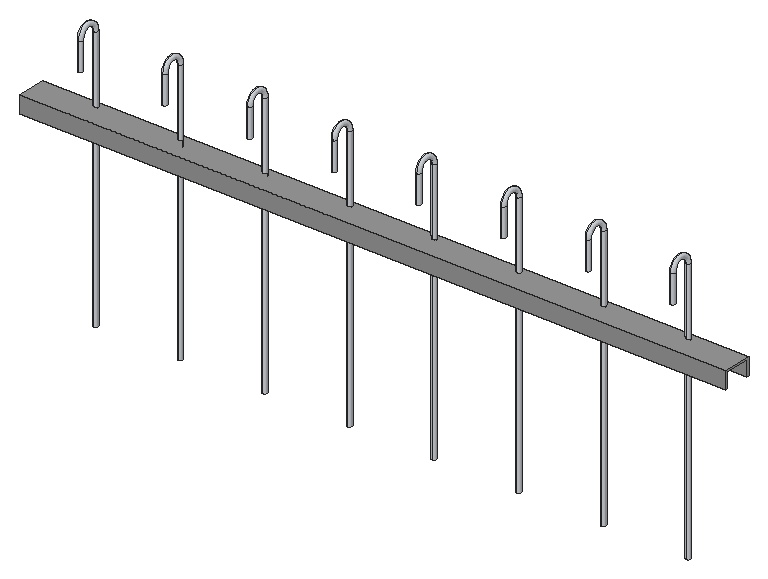
Revit family "Strittekasse_VHQ_08-15_p_i_t_4011005", category Generic Models, Revit 2019
Family settings
  Can host rebar = No
  Round Connector Dimension = Use Diameter
  Part Type = Normal
  Work Plane-Based = Yes
  Always vertical = No
  Cut with Voids When Loaded = No
  Shared = No
  Room Calculation Point = No
Parameters (values of type "VHQ 8/15")
  Website Link = "https://haucon.dk/produkt/strittekasse-enkelt/#variations"
  Technical Data Sheet = "https://haucon.dk/wp-content/uploads/2016/05/4011005-Enkelt-Strittekasse-TDS-ENG.pdf"
  Sheet Metal Width = 50 mm
  Sheet Metal Length = 1250 mm
  Sheet Metal Height = 30 mm
  Rebar Ø = 8 mm
  Rebar Top Height = 170 mm
  Rebar Bottom Height = 320 mm
  Rebar = Rebar, BSt 500 S
  Metal = Metal Panel
  Distance From Start = 100 mm
  Default Elevation = 1219.2 mm
  CenterToCenter = 150 mm
  Array Count = Sheet Metal Length / CenterToCenter  # 8
Types (4, lengths in mm): name | Sheet Metal Width | Sheet Metal Height | Rebar Ø | Rebar Bottom Height
  (no name) | 50 | 30 | 8 | 320
  VHQ 8/15 | 50 | 30 | 8 | 320
  VHQ 10/15 | 50 | 30 | 10 | 390
  VHQ 12/15 | 80 | 40 | 12 | 460
Reference planes
  plane 1 "Center (Front/Back)": y = 0
  plane 2: z = 0
  plane 3 "Center (Left/Right)": x = 0
  plane 4: y = 25
  plane 5: y = -25
  plane 6: z = 30
  plane 7: x = 1250
  plane 8: x = 100
  plane 9: x = 250
  plane 10: x = 400
  plane 11: x = 550
  plane 12: x = 700
  plane 13: x = 850
  plane 14: x = 1000
  plane 15: x = 1150
Forms (mm)
  Extrusion 1, solid, material "Metal Panel" <- "Metal"
    sketch origin (0, 0, 0) x (0, 1, 0) y (0, 0, 1)
      loop
        line (25, 0) -> (25, 30) -> (-25, 30) -> (-25, 0) -> (-22, 0) -> (-22, 27) -> (22, 27) -> (22, 0) -> (25, 0)
    from 0 to 1250
Dimensions and locks
  equal spacing: plane 4, plane 1 "Center (Front/Back)", plane 5
  "Sheet Metal Width": plane 4 to plane 5
  "Sheet Metal Height": plane 6 to level
  "Sheet Metal Length": plane 3 "Center (Left/Right)" to plane 7
  equal spacing: group 1, group 2, group 3, group 4, group 5, group 6, group 7, group 8  (x3)
  "Rebar Top Height": nested 1 to level
  "Rebar Bottom Height": level to nested 1
  "Distance From Start": plane 3 "Center (Left/Right)" to plane 8
  "CenterToCenter": plane 8 to plane 9
  aligned and locked: level to plane 2
  aligned and locked: Extrusion 1 sketch curve to plane 4
  aligned and locked: plane 6 to Extrusion 1 sketch curve
  aligned and locked: Extrusion 1 sketch curve to plane 5
  aligned and locked: Extrusion 1 to plane 7
  aligned and locked: Extrusion 1 to plane 3 "Center (Left/Right)"
Automatic sketch dimensions
  Extrusion 1 sketch curve to level = 0 mm  (x2)
  plane 5 to Extrusion 1 sketch curve = 3 mm
  Extrusion 1 sketch curve to Extrusion 1 sketch curve = 3 mm
  Extrusion 1 sketch curve to plane 6 = 3 mm
Nested families
  nested 1: "Rebar" at (75, 25, 0), type "Rebar"
  nested 2: "Rebar" at (225, 25, 0), type "Rebar"
  nested 3: "Rebar" at (375, 25, 0), type "Rebar"
  nested 4: "Rebar" at (525, 25, 0), type "Rebar"
  nested 5: "Rebar" at (675, 25, 0), type "Rebar"
  nested 6: "Rebar" at (825, 25, 0), type "Rebar"
  nested 7: "Rebar" at (975, 25, 0), type "Rebar"
  nested 8: "Rebar" at (1125, 25, 0), type "Rebar"
Definition of nested family "Rebar"
  Parameters (values of type "Rebar")
    Rebar Top Height = 170 mm
    Rebar Ø = 8 mm
    Rebar Bottom Height = 320 mm
    Rebar = none
    Default Elevation = 1219.2 mm
  Reference planes
    plane 1 "Center (Front/Back)": y = 0
    plane 2: z = 0
    plane 3 "Center (Left/Right)": x = 0
    plane 4: z = 30
    plane 5: y = -3.313
    plane 6: z = 170
    plane 7: z = -320
  Forms (mm)
    Sweep 1, solid
      path origin (0, -0.313, 0) x (0, 1, 0) y (0, 0, 1)
        loop
          line (-8, -320) -> (-8, 149.145)
          arc (-8, 149.145) -> (-24.865, 166.01) -> (-41.73, 149.145) r 16.865
          line (-41.73, 149.145) -> (-41.73, 99.145)
      profile origin (0, -8.312, -85.428) x (0, -1, 0) y (1, 0, 0)
        loop
          circle (0, 25) r 4
  Dimensions and locks
    plane 4 to level = 30 mm
    locked: plane 6 to Sweep 1 sketch curve at 3.99
    "Rebar Top Height": plane 6 to level
    "Rebar Bottom Height": level to plane 7
    "Rebar Ø": diameter of Sweep 1 sketch curve
    aligned and locked: level to plane 2
    aligned and locked: plane 7 to Sweep 1 sketch curve
  Automatic sketch dimensions
    Sweep 1 sketch curve to plane 5 = 38.73 mm
    Sweep 1 sketch curve to Sweep 1 sketch curve = 16.865 mm
    Sweep 1 sketch curve to Sweep 1 sketch curve = 50 mm
    Sweep 1 sketch curve to profile plane = 0 mm
    plane 3 "Center (Left/Right)" to Sweep 1 sketch curve = 25 mm
